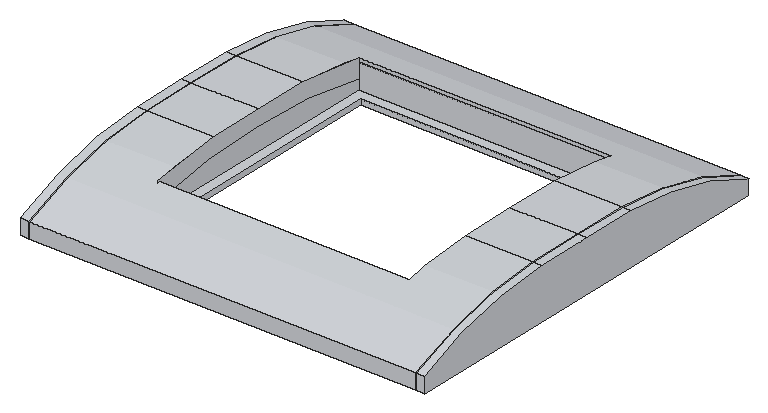
Revit family "Gira_0211778", category Electrical Fixtures, host Face, Revit 2017
Family settings
  Host = Face
  Maintain Annotation Orientation = No
  Round Connector Dimension = Use Diameter
  Part Type = Normal
  Cut with Voids When Loaded = No
  Shared = No
  Room Calculation Point = No
Parameters (values of type "Abdeckrahmen 1f Zwischenr. AN Gira Event Klar Sand")
  Werkstoffgüte = "Thermoplast"
  Werkstoff = "Kunststoff"
  URL = "http://katalog.gira.de/de_DE/datenblatt.html?artikelnr=0211778"
  Transparent = "No"
  Textfeld/Beschriftungsfläche = "No"
  Schutzart (IP) = "IP20"
  Region = "DE"
  Oberfläche = "sonstige"
  Name = "Abdeckrahmen 1f Zwischenr. AN Gira Event Klar Sand"
  Montagerichtung = "horizontal und vertikal"
  Mit Montagerahmen = "No"
  Mit Klappdeckel = "No"
  Manufacturer URL = "https://www.gira.de/"
  Keynote = "Event_Rahmen_1fach"
  HeinzeBIM = "https://bimportal.heinze.de/bim/abdeckrahmen-1f-zwischenr-an-gira-event-klar-sand/eb34924635a263034ee7d74a85c6bfdd8981b369"
  Halogenfrei = "Yes"
  HAN = "0211778"
  Geeignet für Unterputz-Installation = "Yes"
  Geeignet für Unterflurkanaldose = "No"
  Geeignet für Geräteeinbaukanal = "No"
  Geeignet für Einbauinstallation = "No"
  GTIN = "4010337069645"
  Farbe = "sonstige"
  Default Elevation = 1219.2 mm
  Data sheet (1) = "https://katalog.gira.de/de_DE/download.html?artikelnr=0211778"
  Category = "Abdeckrahmen"
  Befestigungsart = "Klemmbefestigung"
  Available = "Yes"
  Ausführung der Oberfläche = "glänzend"
  Anzahl der Einheiten vertikal = "1 "
  Anzahl der Einheiten horizontal = "1 "
  Anzahl der Einheiten = "1 "
Reference planes
  plane 1 "Center (Front/Back)": y = 0
  plane 2: z = 0
  plane 3 "Center (Left/Right)": x = 0
Forms (mm)
  Extrusion 1, solid, detail levels fine
    sketch origin (0, 0, 1.55) x (0, 1, 0) y (0, 0, 1)
      loop
        arc (12.445, 9.683) -> (6.223, 9.833) -> (0, 9.85) r 291.636
        arc (0, 9.85) -> (-6.223, 9.833) -> (-12.445, 9.683) r 291.636
        arc (-12.445, 9.683) -> (-29.14, 7.482) -> (-45, 1.823) r 79.728
        line (-45, 1.823) -> (-45, -1.55) -> (-41.777, -1.55) -> (-41.777, -0.55)
        arc (-41.777, -0.55) -> (-21.205, 4.846) -> (0, 6.467) r 118.15
        arc (0, 6.467) -> (21.205, 4.846) -> (41.777, -0.55) r 118.15
        line (41.777, -0.55) -> (41.777, -1.55) -> (45, -1.55) -> (45, 1.823)
        arc (45, 1.823) -> (29.14, 7.482) -> (12.445, 9.683) r 79.728
    from -43 to 43
  Extrusion 2, void, detail levels fine
    sketch origin (0, 0, 0) x (1, 0, 0) y (0, 1, 0)
      loop
        line (-28, -28) -> (28, -28) -> (28, 28) -> (-28, 28) -> (-28, -28)
    from 2.85 to 12
  Extrusion 3, solid, detail levels coarse
    sketch origin (0, 0, 0) x (1, 0, 0) y (0, 1, 0)
      loop
        line (-45, 45) -> (-45, -45) -> (45, -45) -> (45, 45) -> (-45, 45)
    from 0 to 11.4
  Extrusion 4, solid, detail levels medium
    sketch origin (0, 0, 1.55) x (0, 1, 0) y (0, 0, 1)
      loop
        arc (12.445, 9.683) -> (6.223, 9.833) -> (0, 9.85) r 291.636
        arc (0, 9.85) -> (-6.223, 9.833) -> (-12.445, 9.683) r 291.636
        arc (-12.445, 9.683) -> (-29.14, 7.482) -> (-45, 1.823) r 79.728
        line (-45, 1.823) -> (-45, -1.55) -> (45, -1.55) -> (45, 1.823)
        arc (45, 1.823) -> (29.14, 7.482) -> (12.445, 9.683) r 79.728
    from -45 to 45
  Extrusion 5, solid, detail levels fine
    sketch origin (0, 0, 0) x (0, 1, 0) y (0, 0, 1)
      loop
        arc (45, 3.373) -> (29.14, 9.032) -> (12.445, 11.233) r 79.728
        arc (12.445, 11.233) -> (6.223, 11.383) -> (0, 11.4) r 291.636
        arc (0, 11.4) -> (-6.223, 11.383) -> (-12.445, 11.233) r 291.636
        arc (-12.445, 11.233) -> (-29.14, 9.032) -> (-45, 3.373) r 79.728
        line (-45, 3.373) -> (-45, 0) -> (45, 0) -> (45, 3.373)
    from 43 to 45
  Extrusion 6, solid, detail levels fine
    sketch origin (0, 0, 0) x (0, 1, 0) y (0, 0, -1)
      loop
        line (45, -3.373) -> (45, 0) -> (-45, 0) -> (-45, -3.373)
        arc (-45, -3.373) -> (-29.14, -9.032) -> (-12.445, -11.233) r 79.728
        arc (-12.445, -11.233) -> (-6.223, -11.383) -> (0, -11.4) r 291.636
        arc (0, -11.4) -> (6.223, -11.383) -> (12.445, -11.233) r 291.636
        arc (12.445, -11.233) -> (29.14, -9.032) -> (45, -3.373) r 79.728
    from 43 to 45
  Extrusion 7, solid, detail levels fine
    sketch origin (0, 0, 0) x (1, 0, 0) y (0, 1, 0)
      loop
        line (-25.7, 25.7) -> (-25.7, -25.7) -> (25.7, -25.7) -> (25.7, 25.7) -> (-25.7, 25.7)
      loop
        line (-29.495, 27.895) -> (-29.495, -27.895)
        spline (-29.495, -27.895) -> (-29.486, -28.025) -> (-29.461, -28.154) -> (-29.419, -28.278) -> (-29.361, -28.395) -> (-29.288, -28.504) -> (-29.202, -28.602) -> (-29.104, -28.688) -> (-28.995, -28.761) -> (-28.878, -28.819) -> (-28.754, -28.861) -> (-28.625, -28.886) -> (-28.495, -28.895)
        line (-28.495, -28.895) -> (28.495, -28.895)
        spline (28.495, -28.895) -> (28.625, -28.886) -> (28.754, -28.861) -> (28.878, -28.819) -> (28.995, -28.761) -> (29.104, -28.688) -> (29.202, -28.602) -> (29.288, -28.504) -> (29.361, -28.395) -> (29.419, -28.278) -> (29.461, -28.154) -> (29.486, -28.025) -> (29.495, -27.895)
        line (29.495, -27.895) -> (29.495, 27.895)
        spline (29.495, 27.895) -> (29.486, 28.025) -> (29.461, 28.154) -> (29.419, 28.278) -> (29.361, 28.395) -> (29.288, 28.504) -> (29.202, 28.602) -> (29.104, 28.688) -> (28.995, 28.761) -> (28.878, 28.819) -> (28.754, 28.861) -> (28.625, 28.886) -> (28.495, 28.895)
        line (28.495, 28.895) -> (-28.495, 28.895)
        spline (-28.495, 28.895) -> (-28.625, 28.886) -> (-28.754, 28.861) -> (-28.878, 28.819) -> (-28.995, 28.761) -> (-29.104, 28.688) -> (-29.202, 28.602) -> (-29.288, 28.504) -> (-29.361, 28.395) -> (-29.419, 28.278) -> (-29.461, 28.154) -> (-29.486, 28.025) -> (-29.495, 27.895)
    from 1.673 to 8.5
Cuts and joins
  Extrusion 2 cuts Extrusion 1
  Extrusion 2 cuts Extrusion 7
Dimensions and locks
  aligned and locked: plane 2 to host face
  aligned and locked: level to host face
